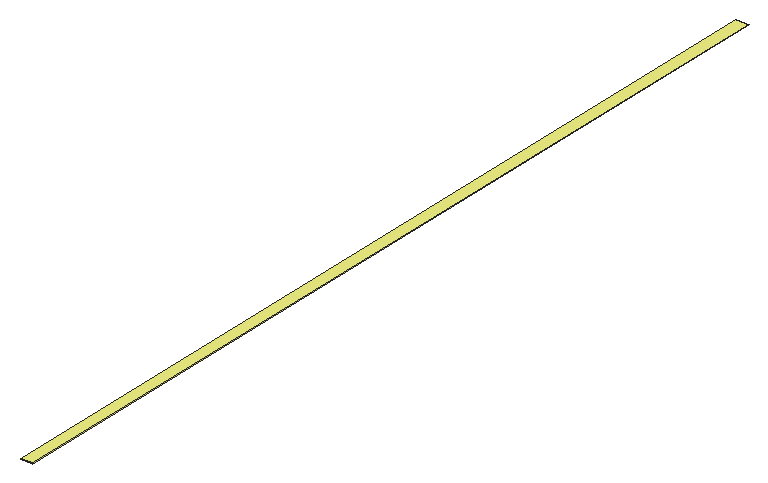
Revit family
Parameters (values of type "5490mm")
  스트라이프 길이 [instance] = 5490.00 mm
Reference planes
  plane 1: z = 0
  plane 2 "중심(왼쪽/오른쪽)": x = 1264.962
  plane 3 "중심(앞/뒤)": y = 859.225
Forms (mm)
  Extrusion 1, solid, material "주차선"
    sketch origin (0, 0, 0) x (1, 0, 0) y (0, 1, 0)
      loop
        line (1226.862, 859.225) -> (1226.862, -4630.775) -> (1303.062, -4630.775) -> (1303.062, 859.225) -> (1226.862, 859.225)
    from 0 to 1.59
Lines and regions (mm)
  symbolic lines, style "보도 스트라이프 배치", detail levels coarse+medium
    curve 1: line (1264.962, -4627.175, 0) -> (1264.962, 859.225, 0)
Dimensions and locks
  "스트라이프 길이": Extrusion 1 sketch curve to plane 3 "중심(앞/뒤)"
Automatic sketch dimensions
  Extrusion 1 sketch curve to plane 3 "중심(앞/뒤)" = 0.00 mm
  Extrusion 1 sketch curve to plane 2 "중심(왼쪽/오른쪽)" = 38.10 mm
  plane 2 "중심(왼쪽/오른쪽)" to Extrusion 1 sketch curve = 38.10 mm
  curve 1 to plane 2 "중심(왼쪽/오른쪽)" = 0.00 mm
  curve 1 to plane 3 "중심(앞/뒤)" = 0.00 mm
  plane 3 "중심(앞/뒤)" to curve 1 = 5486.40 mm
